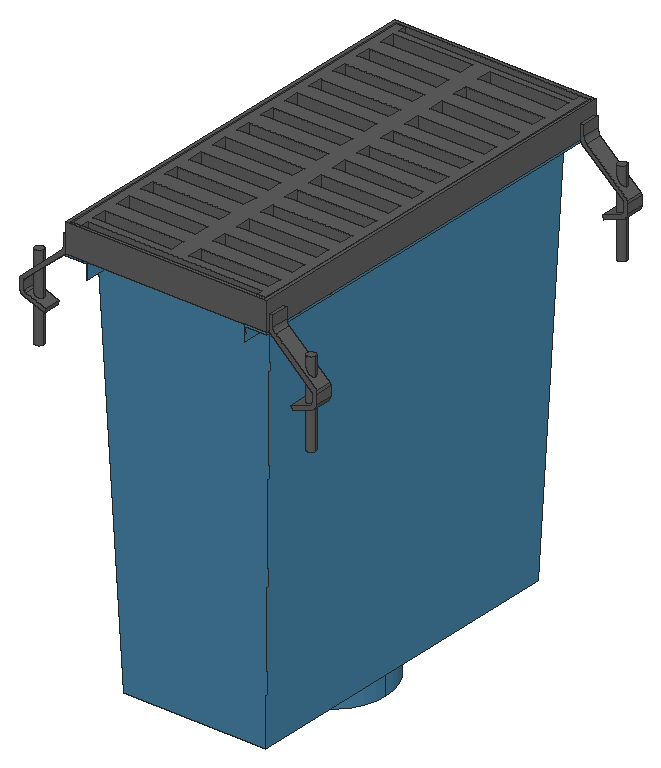
Revit family "ZF817-12", category Plumbing Fixtures, Revit 2022
Family settings
  Round Connector Dimension = Use Radius
  Part Type = Normal
  OmniClass Number = 23.70.50.21.24.14
  OmniClass Title = Deck Waste Water Drains
  Work Plane-Based = No
  Always vertical = Yes
  Cut with Voids When Loaded = No
  Maintain Annotation Orientation = No
  Shared = No
  Room Calculation Point = No
Parameters (values of type "ZF812-12 With 6 Inch No Hub Bottom Outlet")
  Waste Connection = 1 = 1  # yes
  WFU = 1  # constant formula
  Vent Connection = 1 = 0  # no
  URL = "www.zurn.com"
  Type Comments = "ZF812-12 With 6 Inch No Hub End Outlet"
  Product data url = "https://www.bimobject.com/en-us/zurnindustries/product/zurn-zf817-12"
  Product Page URL = "https://www.zurn.com/products/drainage-interceptors/trench-drain-systems/catch-basin/zf817-12"
  Product Documentation Link = "https://files.zurn.com/spec-sheets/zf817-12.pdf"
  Pipe Size_A Outer Radius = Pipe Size_A Outer Diameter / 2  # 3.3125"
  Pipe Size_A Outer Diameter = 6.625"
  Pipe Size_A Nominal Radius = Pipe Size_A Nominal Diameter / 2  # 3.000"
  Pipe Size_A Nominal Diameter = 6.000"
  Pipe Size_A Inside Radius = Pipe Size_A Inside Diameter / 2  # 3.0325"
  Pipe Size_A Inside Diameter = 6.065"
  Modified Date = "12/19/2025"  # constant formula
  Model = "ZF812-12"
  Material_Grate [instance] = Iron - Zurn - Cast - Ductile - Painted Black
  Manufacurer Brand = "Zurn"  # constant formula
  Manufacturer = "Zurn Water, LLC"  # constant formula
  Main Material = Polymer - Zurn - Fiber Reinforced Blue
  HWFU = 0  # constant formula
  HW Connection = 1 = 0  # no
  End Outlet = no
  Description = "12 [305] x 24 [610] LONG REVEAL FIBER REINFORCED POLYMER CATCH BASIN"  # constant formula
  Default Elevation = 20.000"  # constant formula
  Date Created = "11/13/2018"  # constant formula
  Connector Radius = Pipe Size_A Nominal Diameter / 2  # 3.000"
  CWFU = 0  # constant formula
  CW Connection = 1 = 0  # no
  Bottom Outlet = yes
  Body Height_E = 0.000"
  Assembly Code = "D2040300"
Types (6): name | Type Comments | Pipe Size_A Outer Radius | Pipe Size_A Outer Diameter | Pipe Size_A Nominal Radius | Pipe Size_A Nominal Diameter | Pipe Size_A Inside Radius | Pipe Size_A Inside Diameter | End Outlet | Connector Radius | Bottom Outlet | Assembly Code
  (no name) | "ZF812-12 With 6 Inch No Hub End Outlet" | 3.3125" | 6.625" | 3.000" | 6.000" | 3.0325" | 6.065" | no | 3.000" | yes | "D2040300"
  ZF812-12 With 4 Inch No Hub End Outlet | "ZF812-12 With 4 Inch No Hub End Outlet" | 2.250" | 4.500" | 2.000" | 4.000" | 2.013" | 4.026" | yes | 2.000" | no | "D2040300"
  ZF812-12 With 6 Inch No Hub End Outlet | "ZF812-12 With 6 Inch No Hub Bottom Outlet" | 3.3125" | 6.625" | 3.000" | 6.000" | 3.0325" | 6.065" | yes | 3.000" | no | 0.000"
  ZF812-12 With 8 Inch No Hub End Outlet | "ZF812-12 With 8 Inch No Hub End Outlet" | 4.3125" | 8.625" | 4.000" | 8.000" | 3.9905" | 7.981" | yes | 4.000" | no | "D2040300"
  ZF812-12 With 4 Inch No Hub Bottom Outlet | "ZF812-12 With 4 Inch No Hub Bottom Outlet" | 2.250" | 4.500" | 2.000" | 4.000" | 2.013" | 4.026" | no | 2.000" | yes | "D2040300"
  ZF812-12 With 6 Inch No Hub Bottom Outlet | "ZF812-12 With 6 Inch No Hub End Outlet" | 3.3125" | 6.625" | 3.000" | 6.000" | 3.0325" | 6.065" | no | 3.000" | yes | "D2040300"
Reference planes (in)
  plane 1 "Center (Front/Back)": y = 0
  plane 2: z = 0
  plane 3 "Center (Left/Right)": x = 0
  plane 4: x = -6
  plane 5: x = 6
  plane 6: z = -1.6875
  plane 7: x = 5.812
  plane 8: x = -5.812
  plane 9: z = -1.4995
  plane 10: y = 12.3125
  plane 11: y = -12.3125
  plane 12 "001": z = -1.8125
  plane 13 "002": z = -25.5
  plane 14: through (-5.0483, -180, 1.3572) normal (0.9994, 0, 0.0349)
  plane 15: through (-5.23619, -180, 1.35064) normal (0.9994, 0, 0.0349)
  plane 16: z = -25.312
  plane 17: through (5.0483, -180, 1.3572) normal (0.9994, 0, -0.0349)
  plane 18: through (5.23619, -180, 1.35064) normal (0.9994, 0, -0.0349)
  plane 19 "L": y = -12.1245
  plane 20: y = 12.1245
  plane 21: x = 8.875
  plane 22: x = 8.625
  plane 23: z = -5.4375
  plane 24: x = -8.875
  plane 25: x = -8.625
  plane 26 "Bottom Outlet": z = -27.5
  plane 27: z = -21.312
  plane 28 "003": z = -7.5
  plane 29: x = -1.75
  plane 30: x = 1.75
  plane 31: y = 10.969
  plane 32: y = -10.969
  plane 33: y = -10.18
  plane 34: y = 10.18
Forms (in)
  Extrusion 1, solid, material "Polymer - Zurn - Fiber Reinforced Blue" <- "Main Material", detail levels fine
    sketch origin (0, 0, 0) x (1, 0, 0) y (0, 0, 1)
      loop
        line (-6, -1.6875) -> (-6, -1.8125) -> (-4.75, -1.8125) -> (-4.72163, -2.625) -> (-4.65476, -2.625) -> (-4.6875, -1.6875) -> (-6, -1.6875)
      loop
        line (4.75, -1.8125) -> (6, -1.8125) -> (6, -1.6875) -> (4.71974, -1.6875) -> (4.687, -2.625) -> (4.72163, -2.625) -> (4.75, -1.8125)
    from -12.3125 to 12.3125
  Blend 2, solid, material "Polymer - Zurn - Fiber Reinforced Blue" <- "Main Material", detail levels fine
    base sketch origin (0, 0, -1.8125) x (-1, 0, 0) y (0, -1, 0)
      loop
        line (5.125, -10.96875) -> (5.125, 10.96875) -> (-5.125, 10.96875) -> (-5.125, -10.96875) -> (5.125, -10.96875)
    top sketch origin (0, 0, -25.5) x (-1, 0, 0) y (0, -1, 0)
      loop
        line (4.25, -10.1875) -> (4.25, 10.1875) -> (-4.25, 10.1875) -> (-4.25, -10.1875) -> (4.25, -10.1875)
    from 0 to 0
  Blend 3, void
    base sketch origin (0, 0, -25.5) x (-1, 0, 0) y (0, -1, 0)
      loop
        line (4.1105, -10) -> (4.1105, 10) -> (-4.1105, 10) -> (-4.1105, -10) -> (4.1105, -10)
    top sketch origin (0, 0, -1.8125) x (-1, 0, 0) y (0, -1, 0)
      loop
        line (4.9375, -10.78075) -> (4.9375, 10.78075) -> (-4.9375, 10.78075) -> (-4.9375, -10.78075) -> (4.9375, -10.78075)
    from 0.188 to 0.125
  Extrusion 4, solid, material "Iron - Zurn - Cast - Ductile - Painted Black" <- "Material_Grate", detail levels fine
    sketch origin (0, 0, 0) x (1, 0, 0) y (0, 0, 1)
      loop
        line (6, -0.75) -> (6, -1.52613)
        arc (6, -1.52613) -> (6.03321, -1.68278) -> (6.12711, -1.8125) r 0.38614
        line (6.12711, -1.8125) -> (8.58263, -4.03354)
        arc (8.58263, -4.03354) -> (8.61214, -4.04171) -> (8.625, -4.06949) r 0.03643
        line (8.625, -4.06949) -> (8.625, -4.61807)
        arc (8.625, -4.61807) -> (8.60312, -4.68872) -> (8.54514, -4.73464) r 0.125
        line (8.54514, -4.73464) -> (7.33204, -5.20437) -> (7.42231, -5.4375) -> (8.63541, -4.96777)
        arc (8.63541, -4.96777) -> (8.80936, -4.83003) -> (8.875, -4.61807) r 0.375
        line (8.875, -4.61807) -> (8.875, -4.0806)
        arc (8.875, -4.0806) -> (8.86436, -3.9991) -> (8.83316, -3.92305) r 0.31754
        line (8.83316, -3.92305) -> (6.40287, -1.72483)
        arc (6.40287, -1.72483) -> (6.28993, -1.56883) -> (6.25, -1.38043) r 0.46438
        line (6.25, -1.38043) -> (6.25, -0.75) -> (6, -0.75)
    from 12.1245 to 11.1245
  Extrusion 5, solid, material "Iron - Zurn - Cast - Ductile - Painted Black" <- "Material_Grate", detail levels fine
    sketch origin (0, 0, 0) x (-1, 0, 0) y (0, 0, -1)
      loop
        line (6, 0.75) -> (6.25, 0.75) -> (6.25, 1.38043)
        arc (6.25, 1.38043) -> (6.28993, 1.56883) -> (6.40287, 1.72483) r 0.46438
        line (6.40287, 1.72483) -> (8.83316, 3.92305)
        arc (8.83316, 3.92305) -> (8.86436, 3.9991) -> (8.875, 4.0806) r 0.31754
        line (8.875, 4.0806) -> (8.875, 4.61807)
        arc (8.875, 4.61807) -> (8.80936, 4.83003) -> (8.63541, 4.96777) r 0.375
        line (8.63541, 4.96777) -> (7.42231, 5.4375) -> (7.33204, 5.20437) -> (8.54514, 4.73464)
        arc (8.54514, 4.73464) -> (8.60312, 4.68872) -> (8.625, 4.61807) r 0.125
        line (8.625, 4.61807) -> (8.625, 4.06949)
        arc (8.625, 4.06949) -> (8.61214, 4.04171) -> (8.58263, 4.03354) r 0.03643
        line (8.58263, 4.03354) -> (6.12711, 1.8125)
        arc (6.12711, 1.8125) -> (6.03321, 1.68278) -> (6, 1.52613) r 0.38614
        line (6, 1.52613) -> (6, 0.75)
    from 12.1245 to 11.1245
  Extrusion 6, solid, material "Iron - Zurn - Cast - Ductile - Painted Black" <- "Material_Grate", detail levels fine
    sketch origin (0, 0, 0) x (1, 0, 0) y (0, 0, 1)
      loop
        line (-6, -0.75) -> (-6.25, -0.75) -> (-6.25, -1.38043)
        arc (-6.25, -1.38043) -> (-6.28993, -1.56883) -> (-6.40287, -1.72483) r 0.46438
        line (-6.40287, -1.72483) -> (-8.83316, -3.92305)
        arc (-8.83316, -3.92305) -> (-8.86436, -3.9991) -> (-8.875, -4.0806) r 0.31754
        line (-8.875, -4.0806) -> (-8.875, -4.61807)
        arc (-8.875, -4.61807) -> (-8.80936, -4.83003) -> (-8.63541, -4.96777) r 0.375
        line (-8.63541, -4.96777) -> (-7.42231, -5.4375) -> (-7.33204, -5.20437) -> (-8.54514, -4.73464)
        arc (-8.54514, -4.73464) -> (-8.60312, -4.68872) -> (-8.625, -4.61807) r 0.125
        line (-8.625, -4.61807) -> (-8.625, -4.06949)
        arc (-8.625, -4.06949) -> (-8.61214, -4.04171) -> (-8.58263, -4.03354) r 0.03643
        line (-8.58263, -4.03354) -> (-6.12711, -1.8125)
        arc (-6.12711, -1.8125) -> (-6.03321, -1.68278) -> (-6, -1.52613) r 0.38614
        line (-6, -1.52613) -> (-6, -0.75)
      loop
        line (6.12711, -1.8125) -> (8.58263, -4.03354)
        arc (8.58263, -4.03354) -> (8.61214, -4.04171) -> (8.625, -4.06949) r 0.03643
        line (8.625, -4.06949) -> (8.625, -4.61807)
        arc (8.625, -4.61807) -> (8.60312, -4.68872) -> (8.54514, -4.73464) r 0.125
        line (8.54514, -4.73464) -> (7.33204, -5.20437) -> (7.42231, -5.4375) -> (8.63541, -4.96777)
        arc (8.63541, -4.96777) -> (8.80936, -4.83003) -> (8.875, -4.61807) r 0.375
        line (8.875, -4.61807) -> (8.875, -4.0806)
        arc (8.875, -4.0806) -> (8.86436, -3.9991) -> (8.83316, -3.92305) r 0.31754
        line (8.83316, -3.92305) -> (6.40287, -1.72483)
        arc (6.40287, -1.72483) -> (6.28993, -1.56883) -> (6.25, -1.38043) r 0.46438
        line (6.25, -1.38043) -> (6.25, -0.75) -> (6, -0.75) -> (6, -1.52613)
        arc (6, -1.52613) -> (6.03321, -1.68278) -> (6.12711, -1.8125) r 0.38614
    from -12.1245 to -11.125
  Extrusion 7, solid, material "Iron - Zurn - Cast - Ductile - Painted Black" <- "Material_Grate", detail levels fine
    sketch origin (0, 0, -7.5) x (-1, 0, 0) y (0, -1, 0)
      loop
        circle (-8.125, 11.6245) r 0.25
      loop
        circle (8.125, 11.6245) r 0.25
      loop
        circle (-8.125, -11.6245) r 0.25
      loop
        circle (8.125, -11.6245) r 0.25
    from 0 to 5.064
  Extrusion 8, solid, material "Iron - Zurn - Cast - Ductile - Painted Black" <- "Material_Grate", detail levels fine
    sketch origin (0, 0, 0) x (1, 0, 0) y (0, 1, 0)
      loop
        line (-6, 12.3125) -> (-6, -12.3125) -> (6, -12.3125) -> (6, 12.3125) -> (-6, 12.3125)
      loop
        line (-5.812, 12.1245) -> (-5.812, -12.1245) -> (5.812, -12.1245) -> (5.812, 12.1245) -> (-5.812, 12.1245)
    from 0 to -1.6875
  Extrusion 9, solid, material "Polymer - Zurn - Fiber Reinforced Blue" <- "Main Material", visible <- "Bottom Outlet", detail levels fine
    sketch origin (0, 0, -25.5) x (-1, 0, 0) y (0, -1, 0)
      loop
        circle (0, 0) r 3.3125
      loop
        circle (0, 0) r 3.0325
    from 0 to -2
  Extrusion 10, solid, material "Polymer - Zurn - Fiber Reinforced Blue" <- "Main Material", visible <- "End Outlet", detail levels fine
    sketch origin (0, -12.1245, 0) x (0, 0, 1) y (-1, 0, 0)
      loop
        circle (-21.312, 0) r 3.3125
      loop
        circle (-21.312, 0) r 3.0325
    from -2.10947 to 0
Cuts and joins
  Blend 3 cuts Extrusion 1
  Blend 3 cuts Blend 2
Lines and regions (in)
  Masking region 1, detail levels fine
    outline origin (0, 0, 0) x (1, 0, 0) y (0, 1, 0)
      loop
        line (6, 12.3125) -> (-6, 12.3125) -> (-6, 12.1245) -> (-8.875, 12.1245) -> (-8.875, 11.125) -> (-6, 11.125) -> (-6, -11.1245) -> (-8.875, -11.1245) -> (-8.875, -12.1245) -> (-6, -12.1245) -> (-6, -12.3125) -> (6, -12.3125) -> (6, -12.1245) -> (8.875, -12.1245) -> (8.875, -11.1245) -> (6, -11.1245) -> (6, 11.125) -> (8.875, 11.125) -> (8.875, 12.1245) -> (6, 12.1245) -> (6, 12.3125)
  model lines, detail levels coarse+medium
    curve 1: line (5.812, 12.1245, 0) -> (-5.812, 12.1245, 0)
    curve 2: line (5.812, -12.1245, 0) -> (5.812, 12.1245, 0)
    curve 3: line (-5.812, -12.1245, 0) -> (5.812, -12.1245, 0)
    curve 4: line (-5.812, 10.77733, 0) -> (5.812, 10.77733, 0)
    curve 5: line (-5.812, 9.43017, 0) -> (5.812, 9.43017, 0)
    curve 6: line (-5.812, 8.083, 0) -> (5.812, 8.083, 0)
    curve 7: line (-5.812, 6.73583, 0) -> (5.812, 6.73583, 0)
    curve 8: line (-5.812, 5.38867, 0) -> (5.812, 5.38867, 0)
    curve 9: line (5.812, 4.0415, 0) -> (-5.812, 4.0415, 0)
    curve 10: line (-5.812, 2.69433, 0) -> (5.812, 2.69433, 0)
    curve 11: line (5.812, 1.34717, 0) -> (-5.812, 1.34717, 0)
    curve 12: line (-5.812, -10.77733, 0) -> (5.812, -10.77733, 0)
    curve 13: line (-5.812, -9.43017, 0) -> (5.812, -9.43017, 0)
    curve 14: line (-5.812, -8.083, 0) -> (5.812, -8.083, 0)
    curve 15: line (-5.812, -6.73583, 0) -> (5.812, -6.73583, 0)
    curve 16: line (-5.812, -5.38867, 0) -> (5.812, -5.38867, 0)
    curve 17: line (5.812, -4.0415, 0) -> (-5.812, -4.0415, 0)
    curve 18: line (-5.812, -2.69433, 0) -> (5.812, -2.69433, 0)
    curve 19: line (5.812, -1.34717, 0) -> (-5.812, -1.34717, 0)
    curve 20: line (-5.812, 0, 0) -> (5.812, 0, 0)
    curve 21: line (-2.906, 12.1245, 0) -> (-2.906, -12.1245, 0)
    curve 22: line (0, 12.1245, 0) -> (0, -12.1245, 0)
    curve 23: line (2.906, 12.1245, 0) -> (2.906, -12.1245, 0)
    curve 24: line (0, -10.96875, -1.8125) -> (0, -12.1245, -1.8125)
    curve 25: line (0, -12.1245, -1.8125) -> (0, -12.1245, 0)
    curve 26: line (0, 10.96875, -1.8125) -> (0, 12.1245, -1.8125)
    curve 27: line (0, 12.1245, -1.8125) -> (0, 12.1245, 0)
    curve 28: line (-5.812, 12.1245, 0) -> (-5.812, -12.1245, 0)
    curve 35: line (0, 10.96875, -1.8125) -> (0, 10.18, -25.5)
    curve 36: line (0, -10.96875, -1.8125) -> (0, -10.18, -25.5)
    curve 37: line (4.25, 10.1875, -1.8125) -> (4.25, -10.1875, -1.8125)
    curve 38: line (0, -10.18, -25.5) -> (0, 10.18, -25.5)
  model lines, visible <- "Bottom Outlet", detail levels coarse+medium
    curve 29: line (0, 0, -25.5) -> (0, 0, -27.5)
    curve 33: line (0, 1.75, -27.5) -> (0, -1.75, -27.5)
    curve 34: line (-1.75, 0, -27.5) -> (1.75, 0, -27.5)
  model lines, visible <- "End Outlet", detail levels coarse+medium
    curve 30: line (0, -13.75463, -21.312) -> (0, -12.1245, -21.312)
    curve 31: line (0, -12.1245, -19.562) -> (0, -12.1245, -23.062)
    curve 32: line (-1.75, -12.1245, -21.312) -> (1.75, -12.1245, -21.312)
Dimensions and locks (in)
  equal spacing: plane 4, plane 3 "Center (Left/Right)", plane 5
  locked: plane 4 to plane 5 at 12
  locked: level to plane 6 at 1.6875
  equal spacing: plane 5, plane 3 "Center (Left/Right)", plane 4
  locked: plane 8 to plane 4 at 0.188
  locked: plane 5 to plane 7 at 0.188
  locked: plane 9 to plane 6 at 0.188
  equal spacing: plane 10, plane 1 "Center (Front/Back)", plane 11
  locked: plane 10 to plane 11 at 24.625
  locked: plane 6 to plane 12 "001" at 0.125
  locked: Extrusion 1 sketch curve to plane 4 at 1.3125
  locked: Extrusion 1 sketch curve to plane 4 at 1.25
  locked: plane 6 to Extrusion 1 sketch curve at 0.9375  (x2)
  locked: plane 5 to Extrusion 1 sketch curve at 1.25
  locked: plane 5 to Extrusion 1 sketch curve at 1.313
  locked: level to plane 13 "002" at 25.5
  locked: plane 14 to Extrusion 1 at 0.1875
  locked: plane 14 to plane 15 at 0.188
  locked: plane 16 to plane 13 "002" at 0.188
  locked: plane 17 to plane 18 at 0.188
  locked: plane 17 to Extrusion 1 at 0.1875
  locked: plane 10 to plane 20 at 0.188
  locked: plane 19 "L" to plane 11 at 0.188
  equal spacing: Blend 2 sketch curve, plane 1 "Center (Front/Back)", Blend 2 sketch curve  (x2)
  locked: Blend 2 sketch curve to Blend 2 sketch curve at 20.375
  equal spacing: Blend 2 sketch curve, plane 3 "Center (Left/Right)", Blend 2 sketch curve
  locked: Blend 2 sketch curve to Blend 2 sketch curve at 8.5
  equal spacing: Blend 3 sketch curve, plane 1 "Center (Front/Back)", Blend 3 sketch curve
  locked: Blend 3 sketch curve to Blend 3 sketch curve at 20
  Blend 3 sketch curve to plane 3 "Center (Left/Right)" to Blend 3 sketch curve = 4.1105" locked, 4.1105" locked
  Blend 2 sketch curve to plane 3 "Center (Left/Right)" to Blend 2 sketch curve = 5.125" locked, 5.125" locked
  Blend 3 sketch curve to plane 3 "Center (Left/Right)" to Blend 3 sketch curve = 4.9375" locked, 4.9375" locked
  Blend 3 sketch curve to plane 1 "Center (Front/Back)" to Blend 3 sketch curve = 10.78075" locked, 10.78075" locked
  locked: plane 21 to plane 5 at 2.875
  locked: plane 22 to plane 5 at 2.625
  locked: level to plane 23 at 5.4375
  locked: level to Extrusion 4 sketch curve at 0.75
  Extrusion 4 sketch curve to Extrusion 4 sketch curve = 0.53747"
  locked: Extrusion 4 sketch curve to Extrusion 4 sketch curve at 0.25  (x3)
  locked: plane 21 to Extrusion 4 sketch curve at 1.45269
  locked: plane 22 to Extrusion 4 sketch curve at 1.29296
  locked: plane 6 to Extrusion 4 sketch curve at 0.03733
  Extrusion 4 to plane 11 = 0.188"
  locked: Extrusion 4 to Extrusion 4 at 1
  Extrusion 5 sketch curve to Extrusion 5 sketch curve = 0.53747"
  locked: Extrusion 5 sketch curve to Extrusion 5 sketch curve at 0.25  (x3)
  locked: plane 24 to Extrusion 5 sketch curve at 1.45269
  locked: plane 25 to Extrusion 5 sketch curve at 1.29296
  locked: Extrusion 5 to Extrusion 5 at 1
  locked: Extrusion 6 to Extrusion 6 at 0.9995
  locked: plane 13 "002" to plane 26 "Bottom Outlet" at 2
  locked: level to plane 28 "003" at 7.5
  locked: plane 5 to Extrusion 7 sketch curve at 2.125  (x2)
  locked: level to Extrusion 7 at 2.436  (x2)
  locked: plane 19 "L" to Extrusion 7 sketch curve at 0.5  (x2)
  locked: Extrusion 7 sketch curve to plane 4 at 2.125  (x2)
  locked: Extrusion 7 sketch curve to plane 20 at 0.5  (x2)
  locked: Extrusion 7 to level at 2.436  (x2)
  equal spacing: curve 3, curve 12, curve 13, curve 14, curve 15, curve 16, curve 17, curve 18, curve 19, curve 20, curve 11, curve 10, curve 9, curve 8, curve 7, curve 6, curve 5, curve 4, plane 20, locked at 1.34717 each
  equal spacing: plane 8, curve 21, curve 22, curve 23, curve 2, locked at 2.906 each
  Blend 2 sketch curve to plane 1 "Center (Front/Back)" to Blend 2 sketch curve = 10.96875" locked, 10.96875" locked
  locked: plane 27 to plane 16 at 4
  locked: Extrusion 10 to Extrusion 10 at 2.10947
  curve 26 to plane 1 "Center (Front/Back)" to curve 24 = 10.96875" locked, 10.96875" locked
  locked: curve 26 to curve 26 at 1.15575
  plane 31 to plane 1 "Center (Front/Back)" to plane 32 = 10.969" locked, 10.969" locked
  plane 34 to plane 1 "Center (Front/Back)" to plane 33 = 10.180" locked, 10.180" locked
  radius of Extrusion 4 sketch curve = 0.375"
  radius of Extrusion 5 sketch curve = 0.375"
  radius of Extrusion 7 sketch curve = 0.250"  (x2)
  "Pipe Size_A Outer Diameter": diameter of Extrusion 9 sketch curve
  "Pipe Size_A Inside Diameter": diameter of Extrusion 9 sketch curve
  "Pipe Size_A Outer Diameter": diameter of Extrusion 10 sketch curve
  "Pipe Size_A Inside Diameter": diameter of Extrusion 10 sketch curve
  locked: Extrusion 1 sketch curve to Extrusion 1 sketch curve (angle 92.00°)  (x2)
  locked: plane 3 "Center (Left/Right)" to plane 14 (angle 2.00°)
  aligned and locked: plane 2 to level
  aligned and locked: plane 4 to Extrusion 1 sketch curve
  aligned and locked: Extrusion 1 sketch curve to plane 6
  aligned and locked: plane 12 "001" to Extrusion 1 sketch curve
  aligned and locked: Extrusion 1 to plane 10
  aligned and locked: plane 11 to Extrusion 1
  aligned and locked: cut or joined group of Blend 2, Blend 3 to plane 13 "002"
  aligned and locked: plane 12 "001" to cut or joined group of Blend 2, Blend 3
  aligned and locked: cut or joined group of Extrusion 1, Blend 3 to plane 12 "001"
  aligned and locked: cut or joined group of Blend 2, Blend 3 to plane 12 "001"
  aligned and locked: plane 13 "002" to cut or joined group of Blend 2, Blend 3
  aligned and locked: plane 5 to Extrusion 4 sketch curve
  aligned and locked: Extrusion 4 sketch curve to plane 21
  aligned and locked: Extrusion 4 sketch curve to plane 22
  aligned and locked: plane 12 "001" to Extrusion 4 sketch curve
  aligned and locked: plane 19 "L" to Extrusion 4
  aligned and locked: Extrusion 5 sketch curve to plane 24
  aligned and locked: Extrusion 5 sketch curve to plane 25
  aligned and locked: Extrusion 6 sketch curve to Extrusion 5  (x11)
  aligned and locked: Extrusion 6 sketch curve to Extrusion 4  (x11)
  aligned and locked: Extrusion 6 to plane 20
  aligned and locked: plane 23 to Extrusion 6
  aligned and locked: plane 20 to Extrusion 6  (x3)
  aligned and locked: Extrusion 7 to plane 28 "003"
  aligned and locked: plane 28 "003" to Extrusion 7  (x4)
  aligned and locked: plane 19 "L" to nested 1  (x2)
  aligned and locked: nested 1 to plane 19 "L"
  aligned and locked: nested 1 to plane 20  (x2)
  aligned and locked: plane 4 to Extrusion 8 sketch curve
  aligned and locked: Extrusion 8 sketch curve to plane 11
  aligned and locked: Extrusion 8 sketch curve to plane 5
  aligned and locked: Extrusion 8 sketch curve to plane 7
  aligned and locked: plane 8 to Extrusion 8 sketch curve
  aligned and locked: plane 20 to Extrusion 8 sketch curve
  aligned and locked: plane 10 to Extrusion 8 sketch curve
  aligned and locked: level to Extrusion 8
  aligned and locked: Extrusion 8 to plane 6
  aligned and locked: Extrusion 8 sketch curve to plane 19 "L"
  aligned and locked: plane 20 to curve 1
  aligned and locked: plane 19 "L" to curve 25
  aligned and locked: curve 21 to level
  aligned and locked: curve 22 to level
  aligned and locked: curve 28 to plane 8
  aligned and locked: plane 26 "Bottom Outlet" to curve 29
  aligned and locked: plane 13 "002" to curve 29
  aligned and locked: curve 29 to plane 3 "Center (Left/Right)"
  aligned and locked: curve 30 to plane 19 "L"
  aligned and locked: plane 27 to curve 30
  aligned and locked: Masking region 1 sketch curve to Extrusion 8  (x2)
  aligned and locked: Masking region 1 sketch curve to Extrusion 5  (x2)
  aligned and locked: Masking region 1 sketch curve to Extrusion 4  (x2)
  aligned and locked: Masking region 1 sketch curve to plane 5
  aligned and locked: plane 21 to Masking region 1 sketch curve  (x2)
  aligned and locked: plane 5 to Masking region 1 sketch curve  (x2)
  aligned and locked: Masking region 1 sketch curve to plane 4  (x3)
  aligned and locked: plane 24 to Masking region 1 sketch curve
  aligned and locked: Masking region 1 sketch curve to Extrusion 6  (x2)
  aligned and locked: Extrusion 6 to Masking region 1 sketch curve  (x2)
  aligned and locked: curve 31 to plane 3 "Center (Left/Right)"
  aligned and locked: plane 29 to curve 32
  aligned and locked: plane 30 to curve 32
  aligned and locked: curve 32 to plane 27
  aligned and locked: curve 33 to nested 1
  aligned and locked: plane 1 "Center (Front/Back)" to curve 34
  aligned and locked: plane 1 "Center (Front/Back)" to Extrusion 9 sketch curve  (x2)
  aligned and locked: plane 3 "Center (Left/Right)" to Extrusion 9 sketch curve  (x2)
  aligned and locked: Extrusion 9 to plane 26 "Bottom Outlet"
  aligned and locked: plane 13 "002" to Extrusion 9
  aligned and locked: plane 3 "Center (Left/Right)" to Extrusion 10 sketch curve  (x2)
  aligned and locked: plane 27 to Extrusion 10 sketch curve  (x2)
  aligned and locked: Extrusion 10 to plane 19 "L"
  aligned and locked: curve 28 to level
  aligned and locked: curve 23 to level
  aligned and locked: plane 13 "002" to curve 36
  aligned and locked: plane 12 "001" to curve 36
  aligned and locked: plane 12 "001" to curve 35
  aligned and locked: plane 34 to curve 35
  aligned and locked: plane 33 to curve 36
  aligned and locked: curve 37 to cut or joined group of Blend 2, Blend 3
  aligned and locked: cut or joined group of Blend 2, Blend 3 to curve 38
Automatic sketch dimensions
  Extrusion 4 sketch curve to Extrusion 4 sketch curve = 0.000"  (x2)
  Extrusion 4 sketch curve to plane 23 = 0.000"
  plane 5 to Extrusion 4 sketch curve = 0.12711"
  Extrusion 4 sketch curve to Extrusion 4 sketch curve = 0.13614"
  Extrusion 4 sketch curve to plane 22 = 0.06754"
  Extrusion 4 sketch curve to plane 22 = 0.04237"
  Extrusion 4 sketch curve to Extrusion 4 sketch curve = 0.0311"
  plane 22 to Extrusion 4 sketch curve = 0.01041"
  Extrusion 1 sketch curve to plane 6 = 0.000"
  Extrusion 1 sketch curve to plane 5 = 0.000"
  Extrusion 1 sketch curve to plane 12 "001" = 0.000"
  Extrusion 1 sketch curve to Extrusion 1 sketch curve = 0.06687"
  Extrusion 1 sketch curve to Extrusion 1 sketch curve = 0.03026"
  plane 20 to Blend 3 sketch curve = 2.1245"
  Extrusion 5 sketch curve to Extrusion 5 sketch curve = 0.000"  (x2)
  Extrusion 5 sketch curve to plane 4 = 0.000"
  Extrusion 5 sketch curve to plane 12 "001" = 0.000"
  Extrusion 5 sketch curve to plane 23 = 0.000"
  Extrusion 5 sketch curve to plane 4 = 0.12711"
  Extrusion 5 sketch curve to Extrusion 5 sketch curve = 0.13614"
  Extrusion 5 sketch curve to plane 6 = 0.03733"
  Extrusion 5 sketch curve to plane 25 = 0.06754"
  Extrusion 5 sketch curve to plane 25 = 0.04237"
  Extrusion 5 sketch curve to Extrusion 5 sketch curve = 0.0311"
  plane 25 to Extrusion 5 sketch curve = 0.01041"
  Extrusion 5 sketch curve to Extrusion 5 sketch curve = 0.63043"
  Extrusion 6 sketch curve to plane 12 "001" = 0.000"  (x2)
  Extrusion 6 sketch curve to plane 24 = 0.04184"
  plane 25 to Extrusion 6 sketch curve = 0.01041"
  Extrusion 6 sketch curve to Extrusion 6 sketch curve = 0.00594"  (x2)
  Extrusion 6 sketch curve to plane 25 = 0.07986"
  Extrusion 6 sketch curve to plane 6 = 0.03733"  (x2)
  Extrusion 6 sketch curve to plane 22 = 0.07986"
  plane 22 to Extrusion 6 sketch curve = 0.01041"
  Extrusion 6 sketch curve to plane 21 = 0.04184"
  Masking region 1 sketch curve to plane 24 = 0.000"
  Masking region 1 sketch curve to plane 4 = 0.000"  (x2)
  curve 33 to plane 3 "Center (Left/Right)" = 0.000"
  curve 33 to plane 1 "Center (Front/Back)" = 1.750"
  plane 1 "Center (Front/Back)" to curve 33 = 1.750"
  curve 34 to plane 29 = 0.000"
  curve 34 to plane 30 = 0.000"
  curve 31 to plane 27 = 1.750"
  plane 27 to curve 31 = 1.750"
  plane 19 "L" to curve 21 = 0.000"
  curve 22 to plane 3 "Center (Left/Right)" = 0.000"
  curve 25 to level = 0.000"
  curve 27 to level = 0.000"
  plane 11 to curve 30 = 1.44213"
  radius of Extrusion 7 sketch curve = 0.250"  (x2)
Nested families (in)
  nested 1: "Grate" at (0, 0.0005, 0), type "Grate", detail levels fine
    with Material_Grate Iron - Zurn - Cast - Ductile - Painted Black, Frame Adjustment Height 3.063", Enter Value-Frame Adjustment Height 0.000"
Connectors (in)
  piping at (0, -12.1245, -21.312), diameter 6, driven by "Pipe Size_A Nominal Radius", driven by "Waste Connection", driven by "Waste Connection"
    settings: on Extrusion 10, index 1, connector inside diameter 24", connector length 0.000", flow factor 0, pipe flow 0 GPM, pressure drop 0.00 psi, fitting loss kfactor 0, connector angle 0.00°, fixture units 0, engagement length 0.000", angle of deflection 0.00°, flow configuration 0, flow direction 2, fitting loss method 0, system type 16, joint type 0, gender type 0, connector reference index -1, connector utility 1, adjustable connector yes, is connector primary yes, connector description "Sanitary Outlet"
  piping at (0, 0, -27.5), diameter 6, driven by "Pipe Size_A Nominal Radius", driven by "Waste Connection", driven by "Waste Connection"
    settings: on Extrusion 9, index 2, connector inside diameter 24", connector length 0.000", flow factor 0, pipe flow 0 GPM, pressure drop 0.00 psi, fitting loss kfactor 0, connector angle 0.00°, fixture units 0, engagement length 0.000", angle of deflection 0.00°, flow configuration 0, flow direction 2, fitting loss method 0, system type 16, joint type 0, gender type 0, connector reference index -1, connector utility 1, adjustable connector yes, is connector primary no, connector description "Sanitary Outlet"
Definition of nested family "Grate"
  Parameters (values of type "Grate")
    Waste Connection = 1 = 1  # yes
    WFU = 1  # constant formula
    Vent Connection = 1 = 0  # no
    URL = "www.zurn.com"
    Product data url = ""
    Product Page URL = ""
    Product Installation Sheet URL = ""
    Product Documentation Link = ""
    Pipe Size_A Outer Diameter = 0.000"
    Pipe Size_A Nominal Diameter = 0.000"
    Pipe Size_A Inside Diameter = 0.000"
    Modified Date = ""
    Material_Grate [instance] = none
    Manufacurer Brand = "Zurn"  # constant formula
    Manufacturer = "Zurn Water, LLC"  # constant formula
    Main Material = none
    HWFU = 0  # constant formula
    HW Connection = 1 = 0  # no
    Grate Open Area = 0 mm
    Frame Adjustment Height [instance] = if([Enter Value-Frame Adjustment Height] < 3.063", 3.063", if([Enter Value-Frame Adjustment Height] > 5.000", 5.000", [Enter Value-Frame Adjustment Height]))  # 3.063"
    Enter Value-Frame Adjustment Height [instance] = 0.000"
    Default Elevation = 20.000"  # constant formula
    Date Created = ""
    Connector Radius = Pipe Size_A Nominal Diameter / 2  # 0.000"
    CWFU = 0  # constant formula
    CW Connection = 1 = 0  # no
    Body Height_E = 0.000"
    Assembly Code = ""
    Approx. Weight (Lbs) = 0.000"
  Reference planes (in)
    plane 1 "Center (Front/Back)": y = 0
    plane 2: z = 0
    plane 3 "Center (Left/Right)": x = 0
    plane 4: y = -9.43056
    plane 5: y = -17.64041
    plane 6: y = -18.85253
    plane 7: x = 5.25
    plane 8: x = -5.25
    plane 9: x = -0.5
    plane 10: x = 0.5
    plane 11: y = -7.63426
    plane 12: y = -8.53241
    plane 13: y = -6.73611
    plane 14: y = -6.73611
    plane 15: y = -4.93981
    plane 16: y = -5.83796
    plane 17: y = -3.14352
    plane 18: y = -4.04167
    plane 19: y = -1.34722
    plane 20: y = -2.24537
    plane 21: y = 10.3287
    plane 22: y = 11.22685
    plane 23: y = 8.53241
    plane 24: y = 9.43056
    plane 25: y = 6.73611
    plane 26: y = 7.63426
    plane 27: y = 4.93981
    plane 28: y = 5.83796
    plane 29: y = 3.14352
    plane 30: y = 4.04167
    plane 31: y = 1.34722
    plane 32: y = 2.24537
    plane 33: y = -0.44907
    plane 34: y = 0.44907
    plane 35: y = -11.22685
    plane 36: y = -10.3287
    plane 37: y = 12.125
    plane 38: y = -12.125
  Forms (in)
    Extrusion 1, solid, material <- "Material_Grate"
      sketch origin (32.60582, 37.7453, 0) x (1, 0, 0) y (0, 1, 0)
        loop
          line (-38.35582, -47.5) -> (-38.35582, -49.8703) -> (-37.85582, -49.8703) -> (-37.85582, -49.3703) -> (-27.35582, -49.3703) -> (-27.35582, -49.8703) -> (-26.85582, -49.8703) -> (-26.85582, -47.5) -> (-26.85582, -25.6203) -> (-27.35582, -25.6203) -> (-27.35582, -26.1203) -> (-37.85582, -26.1203) -> (-37.85582, -25.6203) -> (-38.35582, -25.6203) -> (-38.35582, -47.5)
        loop
          line (-32.10582, -47.17586) -> (-27.35582, -47.17586) -> (-27.35582, -46.27771) -> (-32.10582, -46.27771) -> (-32.10582, -47.17586)
        loop
          line (-32.10582, -45.37956) -> (-27.35582, -45.37956) -> (-27.35582, -44.48141) -> (-32.10582, -44.48141) -> (-32.10582, -45.37956)
        loop
          line (-27.35582, -43.58326) -> (-27.35582, -42.68512) -> (-32.10582, -42.68512) -> (-32.10582, -43.58326) -> (-27.35582, -43.58326)
        loop
          line (-27.35582, -41.78697) -> (-27.35582, -40.88882) -> (-32.10582, -40.88882) -> (-32.10582, -41.78697) -> (-27.35582, -41.78697)
        loop
          line (-27.35582, -39.99067) -> (-27.35582, -39.09252) -> (-32.10582, -39.09252) -> (-32.10582, -39.99067) -> (-27.35582, -39.99067)
        loop
          line (-27.35582, -26.51845) -> (-32.10582, -26.51845) -> (-32.10582, -27.4166) -> (-27.35582, -27.4166) -> (-27.35582, -26.51845)
        loop
          line (-27.35582, -28.31475) -> (-32.10582, -28.31475) -> (-32.10582, -29.21289) -> (-27.35582, -29.21289) -> (-27.35582, -28.31475)
        loop
          line (-27.35582, -30.11104) -> (-32.10582, -30.11104) -> (-32.10582, -31.00919) -> (-27.35582, -31.00919) -> (-27.35582, -30.11104)
        loop
          line (-27.35582, -31.90734) -> (-32.10582, -31.90734) -> (-32.10582, -32.80549) -> (-27.35582, -32.80549) -> (-27.35582, -31.90734)
        loop
          line (-27.35582, -33.70363) -> (-32.10582, -33.70363) -> (-32.10582, -34.60178) -> (-27.35582, -34.60178) -> (-27.35582, -33.70363)
        loop
          line (-27.35582, -35.49993) -> (-32.10582, -35.49993) -> (-32.10582, -36.39808) -> (-27.35582, -36.39808) -> (-27.35582, -35.49993)
        loop
          line (-33.10582, -47.17586) -> (-33.10582, -46.27771) -> (-37.85582, -46.27771) -> (-37.85582, -47.17586) -> (-33.10582, -47.17586)
        loop
          line (-33.10582, -45.37956) -> (-33.10582, -44.48141) -> (-37.85582, -44.48141) -> (-37.85582, -45.37956) -> (-33.10582, -45.37956)
        loop
          line (-37.85582, -43.58326) -> (-33.10582, -43.58326) -> (-33.10582, -42.68512) -> (-37.85582, -42.68512) -> (-37.85582, -43.58326)
        loop
          line (-37.85582, -41.78697) -> (-33.10582, -41.78697) -> (-33.10582, -40.88882) -> (-37.85582, -40.88882) -> (-37.85582, -41.78697)
        loop
          line (-37.85582, -39.99067) -> (-33.10582, -39.99067) -> (-33.10582, -39.09252) -> (-37.85582, -39.09252) -> (-37.85582, -39.99067)
        loop
          line (-37.85582, -26.51845) -> (-37.85582, -27.4166) -> (-33.10582, -27.4166) -> (-33.10582, -26.51845) -> (-37.85582, -26.51845)
        loop
          line (-37.85582, -28.31475) -> (-37.85582, -29.21289) -> (-33.10582, -29.21289) -> (-33.10582, -28.31475) -> (-37.85582, -28.31475)
        loop
          line (-37.85582, -30.11104) -> (-37.85582, -31.00919) -> (-33.10582, -31.00919) -> (-33.10582, -30.11104) -> (-37.85582, -30.11104)
        loop
          line (-37.85582, -31.90734) -> (-37.85582, -32.80549) -> (-33.10582, -32.80549) -> (-33.10582, -31.90734) -> (-37.85582, -31.90734)
        loop
          line (-37.85582, -33.70363) -> (-37.85582, -34.60178) -> (-33.10582, -34.60178) -> (-33.10582, -33.70363) -> (-37.85582, -33.70363)
        loop
          line (-37.85582, -35.49993) -> (-37.85582, -36.39808) -> (-33.10582, -36.39808) -> (-33.10582, -35.49993) -> (-37.85582, -35.49993)
        loop
          line (-27.35582, -37.29623) -> (-32.10582, -37.29623) -> (-32.10582, -38.19437) -> (-27.35582, -38.19437) -> (-27.35582, -37.29623)
        loop
          line (-37.85582, -37.29623) -> (-37.85582, -38.19437) -> (-33.10582, -38.19437) -> (-33.10582, -37.29623) -> (-37.85582, -37.29623)
        loop
          line (-32.10582, -48.97215) -> (-27.35582, -48.97215) -> (-27.35582, -48.074) -> (-32.10582, -48.074) -> (-32.10582, -48.97215)
        loop
          line (-33.10582, -48.97215) -> (-33.10582, -48.074) -> (-37.85582, -48.074) -> (-37.85582, -48.97215) -> (-33.10582, -48.97215)
      from -1.75 to 0
  Dimensions and locks (in)
    Extrusion 1 sketch curve to plane 3 "Center (Left/Right)" to Extrusion 1 sketch curve = 5.750" locked, 5.750" locked
    locked: plane 6 to plane 5 at 1.21212
    plane 8 to plane 3 "Center (Left/Right)" to plane 7 = 5.250" locked, 5.250" locked
    plane 9 to plane 3 "Center (Left/Right)" to plane 10 = 0.500" locked, 0.500" locked
    locked: Extrusion 1 sketch curve to Extrusion 1 sketch curve at 0.5  (x2)
    plane 37 to plane 1 "Center (Front/Back)" to plane 38 = 12.125" locked, 12.125" locked
    equal spacing: plane 37, plane 22, plane 21, plane 24, plane 23, plane 26, plane 25, plane 28, plane 27, plane 30, plane 29, plane 32, plane 31, plane 34, plane 33, plane 19, plane 20, plane 17, plane 18, plane 15, plane 16, plane 14, plane 11, plane 12, plane 4, plane 36, plane 35, plane 38
    aligned and locked: plane 2 to level
    aligned and locked: Extrusion 1 sketch curve to Extrusion 1 sketch curve  (x2)
    aligned and locked: Extrusion 1 sketch curve to plane 4
    aligned and locked: Extrusion 1 sketch curve to plane 11
    aligned and locked: plane 14 to Extrusion 1 sketch curve
    aligned and locked: plane 16 to Extrusion 1 sketch curve
    aligned and locked: Extrusion 1 sketch curve to plane 15
    aligned and locked: plane 18 to Extrusion 1 sketch curve
    aligned and locked: Extrusion 1 sketch curve to plane 17
    aligned and locked: plane 20 to Extrusion 1 sketch curve
    aligned and locked: Extrusion 1 sketch curve to plane 19
    aligned and locked: plane 8 to Extrusion 1 sketch curve  (x10)
    aligned and locked: Extrusion 1 sketch curve to plane 8  (x5)
    aligned and locked: plane 9 to Extrusion 1 sketch curve  (x3)
    aligned and locked: Extrusion 1 sketch curve to plane 9  (x9)
    aligned and locked: Extrusion 1 sketch curve to plane 10  (x8)
    aligned and locked: plane 10 to Extrusion 1 sketch curve  (x6)
    aligned and locked: plane 7 to Extrusion 1 sketch curve  (x10)
    aligned and locked: plane 22 to Extrusion 1 sketch curve
    aligned and locked: Extrusion 1 sketch curve to plane 22
    aligned and locked: Extrusion 1 sketch curve to plane 21
    aligned and locked: plane 21 to Extrusion 1 sketch curve
    aligned and locked: Extrusion 1 sketch curve to plane 24
    aligned and locked: plane 24 to Extrusion 1 sketch curve
    aligned and locked: Extrusion 1 sketch curve to plane 23
    aligned and locked: plane 23 to Extrusion 1 sketch curve
    aligned and locked: Extrusion 1 sketch curve to plane 26
    aligned and locked: plane 26 to Extrusion 1 sketch curve
    aligned and locked: plane 25 to Extrusion 1 sketch curve  (x2)
    aligned and locked: Extrusion 1 sketch curve to plane 28
    aligned and locked: plane 28 to Extrusion 1 sketch curve
    aligned and locked: Extrusion 1 sketch curve to plane 27
    aligned and locked: plane 30 to Extrusion 1 sketch curve
    aligned and locked: Extrusion 1 sketch curve to plane 30
    aligned and locked: plane 29 to Extrusion 1 sketch curve
    aligned and locked: Extrusion 1 sketch curve to plane 29
    aligned and locked: plane 32 to Extrusion 1 sketch curve
    aligned and locked: Extrusion 1 sketch curve to plane 32
    aligned and locked: plane 31 to Extrusion 1 sketch curve
    aligned and locked: Extrusion 1 sketch curve to plane 31
    aligned and locked: plane 19 to Extrusion 1 sketch curve
    aligned and locked: plane 17 to Extrusion 1 sketch curve
    aligned and locked: Extrusion 1 sketch curve to plane 18
    aligned and locked: plane 15 to Extrusion 1 sketch curve
    aligned and locked: Extrusion 1 sketch curve to plane 16
    aligned and locked: Extrusion 1 sketch curve to plane 14
    aligned and locked: plane 11 to Extrusion 1 sketch curve
    aligned and locked: plane 4 to Extrusion 1 sketch curve
    aligned and locked: Extrusion 1 sketch curve to plane 7  (x4)
    aligned and locked: Extrusion 1 sketch curve to plane 20
    aligned and locked: Extrusion 1 sketch curve to plane 34
    aligned and locked: plane 33 to Extrusion 1 sketch curve
    aligned and locked: plane 34 to Extrusion 1 sketch curve
    aligned and locked: Extrusion 1 sketch curve to plane 33
    aligned and locked: plane 27 to Extrusion 1 sketch curve
    aligned and locked: plane 13 to plane 14
    aligned and locked: Extrusion 1 sketch curve to plane 12  (x2)
    aligned and locked: Extrusion 1 sketch curve to plane 36  (x2)
    aligned and locked: Extrusion 1 sketch curve to plane 35
    aligned and locked: plane 35 to Extrusion 1 sketch curve
    aligned and locked: Extrusion 1 sketch curve to plane 38
    aligned and locked: plane 38 to Extrusion 1 sketch curve
    aligned and locked: plane 37 to Extrusion 1 sketch curve
    aligned and locked: Extrusion 1 sketch curve to plane 37
